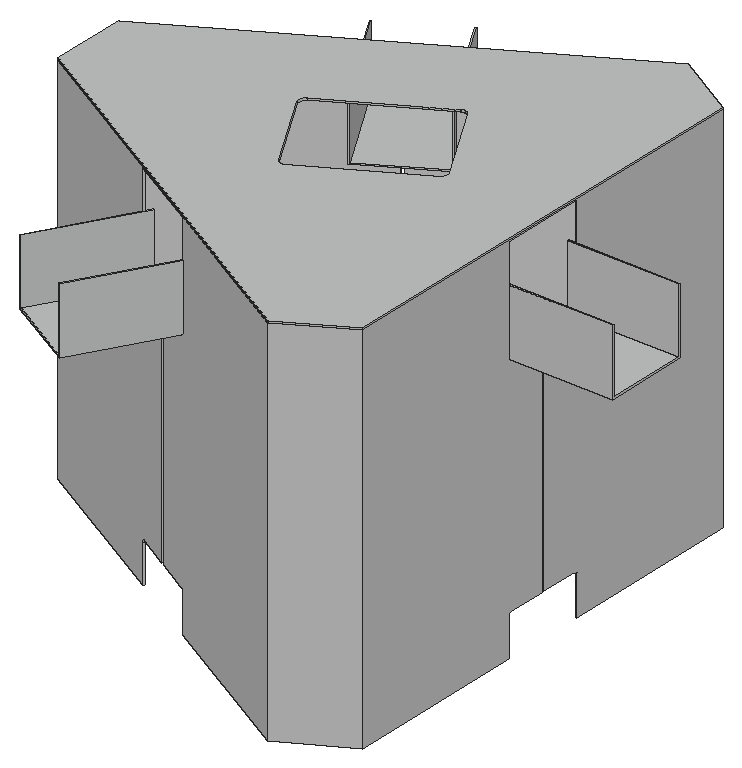
Revit family "Accessories-Teknion-HWBECMT_hiSpace_120_Cable_Riser_Mid-R2020", category Furniture, Revit 2020
Family settings
  OmniClass Number = 23.40.20.00
  OmniClass Title = General Furniture and Specialties
  Work Plane-Based = No
  Always vertical = Yes
  Cut with Voids When Loaded = No
  Shared = Yes
  Room Calculation Point = No
Parameters (values of type "60 Platinum")
  Warranty = "http://www.teknion.com/ca/papers/legal-canada"
  Unit Weight URL = "http://www.teknion.com/ca/tools/assets#&asset=bee6a381-b954-425e-8283-5a2de3a804f2,f828d448-4b62-4231-9e5f-9a8991c0ed77"
  URL = "www.teknion.com"
  To render please download texture images found here [instance] = "https://assets.teknion.com/web/5e81352c1dfdb467/revit-material-swatches/"
  Sustainability Data = "https://www.teknion.com/ca/tools/assets#&topic=216f99a5-57a0-44fc-b10a-9dee9b29ae4c&asset=444deb64-fe58-4b68-981e-f75e97781df7,b4ff2d81-9f2e-437d-9659-7cffb09c31cf"
  Series = "Height-Adjustable Bench hiSpace"  # constant formula
  Product Page URL = "https://www.teknion.com/ca/products/product-details?productLineId=e4ad706f-8e7a-673b-a6c8-ff05004460c4"
  Product Line = "hiSpace 120 Bench"  # constant formula
  Product Documentation Link = "https://www.teknion.com/pricing/habh/pdfs/HWBECMT_ppg.pdf"
  Part Number = "HWBECMT"  # constant formula
  Model = "HWBECMT60"
  Manufacturer Phone = "416-661-3370"  # constant formula
  Manufacturer Fax = "416.661.4586"  # constant formula
  Manufacturer Contact Information = "http://www.teknion.com/ca/contactus"
  Manufacturer Address = "1150 Flint Road, Toronto, ON. M3J 2J5. Canada"  # constant formula
  Manufacturer = "Teknion"  # constant formula
  How To Use Teknion Materials User Guide [instance] = "https://assets.teknion.com/m/205dd0a49fa58060/original/How-to-add-a-Material-Library-and-Texture-Images-to-your-Revit-project.pdf"
  For Additional Finishes please visit [instance] = "https://assets.teknion.com/m/44a8009b046e5d47/original/Teknion_Materials_Library.zip"
  Description = "hiSpace 120 Cable Riser - Mid - Platinum (60) Finish"
  Default Elevation = 0.000"
  Cover Finish = Paint - Teknion - Mica - Platinum
  Assembly Code = "E2020200"
Types (4): name | Model | Description | Cover Finish
  (no name) | "HWBECMT60" | "hiSpace 120 Cable Riser - Mid - Platinum (60) Finish" | Paint - Teknion - Mica - Platinum
  52 Ebony | "HWBECMT52" | "hiSpace 120 Cable Riser - Mid - Ebony (52) Finish" | Paint - Teknion - 52 - Ebony
  60 Platinum | "HWBECMT60" | "hiSpace 120 Cable Riser - Mid - Platinum (60) Finish" | Paint - Teknion - Mica - Platinum
  83 Very White | "HWBECMT83" | "hiSpace 120 Cable Riser - Mid - Very White (83) Finish" | Paint  -Teknion - 83 - Very White
Reference planes (in)
  plane 1 "Center Front/Back": y = -0.01706
  plane 2: z = 0
  plane 3 "Center Left/Right": x = -0.0989
  plane 4 "Left": x = -10.44051
  plane 5 "Right": x = 10.24271
  plane 6 "Back": y = 9.69265
  plane 7 "Front": y = -9.72678
  plane 8 "Top": z = 63
Forms (in)
  Sweep 1, solid, material "Paint - Teknion - Mica - Platinum" <- "Cover Finish"
    path origin (0, 0, 0) x (1, 0, 0) y (0, 1, 0)
      loop
        line (-10.40451, 1.35979) -> (-10.40451, -1.39391) -> (3.98993, -9.70455) -> (6.37471, -8.3277) -> (6.37471, 8.29357) -> (3.98993, 9.67043) -> (-10.40451, 1.35979)
    profile origin (-3.20729, 5.51511, 0) x (-0.5, 0.866025, 0) y (0, 0, 1)
      loop
        line (0.036, 14.9164) -> (0, 14.9164) -> (0, 1.01202) -> (0.036, 1.01202) -> (0.036, 14.9164)
  Sweep 2, solid, material "Paint - Teknion - Mica - Platinum" <- "Cover Finish"
    path origin (0, 0, 0) x (1, 0, 0) y (0, 0, 1)
      loop
        line (-10.44051, 14.9164) -> (-10.44051, 14.9764)
    profile origin (-10.44051, 0, 14.9464) x (-1, 0, 0) y (0, -1, 0)
      loop
        line (0, 1.4147) -> (-14.43044, 9.74612) -> (-16.85122, 8.34848) -> (-16.85122, -8.31436) -> (-14.43044, -9.71199) -> (0, -1.38058) -> (0, 1.4147)
  Sweep 3, void
    path origin (0, 0, 0) x (1, 0, 0) y (0, 0, 1)
      loop
        line (-10.44051, 14.9764) -> (-10.44051, 14.9164)
    profile origin (-10.44051, 0, 14.9464) x (0, -1, 0) y (1, 0, 0)
      loop
        arc (-1.23951, 7.10366) -> (-1.08771, 6.98718) -> (-0.898, 7.01216) r 0.25
        line (-0.898, 7.01216) -> (2.13309, 8.76216)
        arc (2.13309, 8.76216) -> (2.24957, 8.91396) -> (2.22459, 9.10366) r 0.25
        line (2.22459, 9.10366) -> (-0.02541, 13.00078)
        arc (-0.02541, 13.00078) -> (-0.17721, 13.11726) -> (-0.36691, 13.09228) r 0.25
        line (-0.36691, 13.09228) -> (-3.398, 11.34228)
        arc (-3.398, 11.34228) -> (-3.51448, 11.19048) -> (-3.48951, 11.00078) r 0.25
        line (-3.48951, 11.00078) -> (-1.23951, 7.10366)
  Sweep 4, void
    path origin (0, 0, 0) x (1, 0, 0) y (0, 0, 1)
      loop
        line (6.11771, 13.4494) -> (7.11771, 13.4494)
    profile origin (6.61771, 0, 13.4494) x (0, 0, 1) y (0, -1, 0)
      loop
        arc (-2.40889, 1.59228) -> (-2.49241, 1.55769) -> (-2.527, 1.47417) r 0.11811
        line (-2.527, 1.47417) -> (-2.527, 0.08448) -> (-10.89857, 0.08448) -> (-10.89857, 1.47417)
        arc (-10.89857, 1.47417) -> (-10.93317, 1.55769) -> (-11.01669, 1.59228) r 0.11811
        line (-11.01669, 1.59228) -> (-12.47338, 1.59228) -> (-12.47338, -1.55816) -> (-11.01669, -1.55816)
        arc (-11.01669, -1.55816) -> (-10.93317, -1.52357) -> (-10.89857, -1.44005) r 0.11811
        line (-10.89857, -1.44005) -> (-10.89857, -0.05036) -> (-2.527, -0.05036) -> (-2.527, -1.44005)
        arc (-2.527, -1.44005) -> (-2.49241, -1.52357) -> (-2.40889, -1.55816) r 0.11811
        line (-2.40889, -1.55816) -> (1.436, -1.55816) -> (1.436, 1.59228) -> (-2.40889, 1.59228)
  Sweep 5, void
    path origin (-0.00516, -0.0371, 0) x (-0.5, -0.866025, 0) y (0, 0, 1)
      loop
        line (6.11771, 13.4494) -> (7.11771, 13.4494)
    profile origin (-3.31401, -5.76821, 13.4494) x (0, 0, 1) y (-0.866025, 0.5, 0)
      loop
        arc (-2.40889, 1.59228) -> (-2.49241, 1.55769) -> (-2.527, 1.47417) r 0.11811
        line (-2.527, 1.47417) -> (-2.527, 0.08448) -> (-10.89857, 0.08448) -> (-10.89857, 1.47417)
        arc (-10.89857, 1.47417) -> (-10.93317, 1.55769) -> (-11.01669, 1.59228) r 0.11811
        line (-11.01669, 1.59228) -> (-12.47338, 1.59228) -> (-12.47338, -1.55816) -> (-11.01669, -1.55816)
        arc (-11.01669, -1.55816) -> (-10.93317, -1.52357) -> (-10.89857, -1.44005) r 0.11811
        line (-10.89857, -1.44005) -> (-10.89857, -0.05036) -> (-2.527, -0.05036) -> (-2.527, -1.44005)
        arc (-2.527, -1.44005) -> (-2.49241, -1.52357) -> (-2.40889, -1.55816) r 0.11811
        line (-2.40889, -1.55816) -> (1.436, -1.55816) -> (1.436, 1.59228) -> (-2.40889, 1.59228)
  Sweep 6, void
    path origin (-6.62287, 11.46519, 0) x (0.5, -0.866025, 0) y (0, 0, 1)
      loop
        line (6.11771, 13.4494) -> (7.11771, 13.4494)
    profile origin (-3.31401, 5.73408, 13.4494) x (0, 0, 1) y (-0.866025, -0.5, 0)
      loop
        arc (-2.40889, 1.59228) -> (-2.49241, 1.55769) -> (-2.527, 1.47417) r 0.11811
        line (-2.527, 1.47417) -> (-2.527, 0.08448) -> (-10.89857, 0.08448) -> (-10.89857, 1.47417)
        arc (-10.89857, 1.47417) -> (-10.93317, 1.55769) -> (-11.01669, 1.59228) r 0.11811
        line (-11.01669, 1.59228) -> (-12.47338, 1.59228) -> (-12.47338, -1.55816) -> (-11.01669, -1.55816)
        arc (-11.01669, -1.55816) -> (-10.93317, -1.52357) -> (-10.89857, -1.44005) r 0.11811
        line (-10.89857, -1.44005) -> (-10.89857, -0.05036) -> (-2.527, -0.05036) -> (-2.527, -1.44005)
        arc (-2.527, -1.44005) -> (-2.49241, -1.52357) -> (-2.40889, -1.55816) r 0.11811
        line (-2.40889, -1.55816) -> (1.436, -1.55816) -> (1.436, 1.59228) -> (-2.40889, 1.59228)
  Sweep 7, solid, material "Paint - Teknion - Mica - Platinum" <- "Cover Finish"
    path origin (0, 0, 0) x (1, 0, 0) y (0, 1, 0)
      loop
        line (10.24271, 0) -> (6.11771, 0)
    profile origin (8.18021, 0, 0) x (0, -1, 0) y (0, 0, 1)
      loop
        line (1.58202, 10.9804) -> (1.58202, 13.4494) -> (1.53402, 13.4494) -> (1.53402, 11.0284) -> (-1.4999, 11.0284) -> (-1.4999, 13.4494) -> (-1.5479, 13.4494) -> (-1.5479, 10.9804) -> (1.58202, 10.9804)
  Sweep 8, solid, material "Paint - Teknion - Mica - Platinum" <- "Cover Finish"
    path origin (-8.21492, -14.18858, 0) x (0.5, 0.866025, 0) y (-0.866025, 0.5, 0)
      loop
        line (10.24271, 0) -> (6.11771, 0)
    profile origin (-4.12481, -7.10431, 0) x (0.866025, -0.5, 0) y (0, 0, 1)
      loop
        line (1.58202, 10.9804) -> (1.58202, 13.4494) -> (1.53402, 13.4494) -> (1.53402, 11.0284) -> (-1.4999, 11.0284) -> (-1.4999, 13.4494) -> (-1.5479, 13.4494) -> (-1.5479, 10.9804) -> (1.58202, 10.9804)
  Sweep 9, solid, material "Paint - Teknion - Mica - Platinum" <- "Cover Finish"
    path origin (-8.18537, 14.17152, 0) x (0.5, -0.866025, 0) y (0.866025, 0.5, 0)
      loop
        line (10.24271, 0) -> (6.11771, 0)
    profile origin (-4.09526, 7.08725, 0) x (-0.866025, -0.5, 0) y (0, 0, 1)
      loop
        line (1.58202, 10.9804) -> (1.58202, 13.4494) -> (1.53402, 13.4494) -> (1.53402, 11.0284) -> (-1.4999, 11.0284) -> (-1.4999, 13.4494) -> (-1.5479, 13.4494) -> (-1.5479, 10.9804) -> (1.58202, 10.9804)
Cuts and joins
  Sweep 3 cuts Sweep 2
  Sweep 4, Sweep 5, Sweep 6 cuts Sweep 1
Lines and regions (in)
  Masking region 1
    outline origin (0, 0, 0) x (1, 0, 0) y (0, 1, 0)
      loop
        line (-3.78599, 9.64738) -> (-6.49658, 8.08241) -> (-4.58058, 4.76381) -> (-10.44051, 1.38058) -> (-10.44051, -1.4147) -> (-4.58058, -4.79793) -> (-6.49658, -8.11654) -> (-3.78599, -9.6815) -> (-1.86999, -6.36289) -> (3.98993, -9.74612) -> (6.41071, -8.34848) -> (6.41071, -1.58202) -> (10.24271, -1.58202) -> (10.24271, 1.5479) -> (6.41071, 1.5479) -> (6.41071, 8.31436) -> (3.98993, 9.71199) -> (-1.86999, 6.32877) -> (-3.78599, 9.64738)
      loop
        line (-3.42835, 0.898) -> (-1.67835, -2.13309)
        arc (-1.67835, -2.13309) -> (-1.52655, -2.24957) -> (-1.33685, -2.22459) r 0.25
        line (-1.33685, -2.22459) -> (2.56027, 0.02541)
        arc (2.56027, 0.02541) -> (2.67675, 0.17721) -> (2.65177, 0.36691) r 0.25
        line (2.65177, 0.36691) -> (0.90177, 3.398)
        arc (0.90177, 3.398) -> (0.74997, 3.51448) -> (0.56027, 3.48951) r 0.25
        line (0.56027, 3.48951) -> (-3.33685, 1.23951)
        arc (-3.33685, 1.23951) -> (-3.45333, 1.08771) -> (-3.42835, 0.898) r 0.25
  symbolic lines
    curve 1: line (3.98993, 9.71199, 0) -> (-10.44051, 1.38058, 0)
    curve 2: line (6.41071, -8.34848, 0) -> (6.41071, 8.31436, 0)
    curve 3: line (-10.44051, -1.4147, 0) -> (3.98993, -9.74612, 0)
    curve 4: line (-6.45502, -8.14054, 0) -> (-4.53902, -4.82193, 0)
    curve 5: line (-1.91156, -6.33889, 0) -> (-3.82756, -9.6575, 0)
    curve 6: line (-4.53902, 4.78781, 0) -> (-6.45502, 8.10641, 0)
    curve 7: line (-3.82756, 9.62338, 0) -> (-1.91156, 6.30477, 0)
    curve 8: line (6.41071, 1.4999, 0) -> (10.24271, 1.4999, 0)
    curve 9: line (10.24271, -1.53402, 0) -> (6.41071, -1.53402, 0)
  symbolic lines, style "FurnitureHiddenLines", detail levels medium+fine
    curve 10: line (-4.43408, -4.54418, 0) -> (-1.72349, -6.10914, 0)
    curve 11: line (-4.43408, -4.54418, 0) -> (-4.55908, -4.76069, 0)
    curve 12: line (-4.39252, -4.56818, 0) -> (-4.52102, -4.79075, 0)
    curve 13: line (-1.76506, -6.08514, 0) -> (-1.89356, -6.30771, 0)
    curve 14: line (-1.72349, -6.10914, 0) -> (-1.84849, -6.32565, 0)
    curve 15: line (6.11771, -1.58202, 0) -> (6.37471, -1.58202, 0)
    curve 16: line (6.11771, -1.53402, 0) -> (6.37471, -1.53402, 0)
    curve 17: line (6.11771, 1.5479, 0) -> (6.37471, 1.5479, 0)
    curve 18: line (6.11771, 1.4999, 0) -> (6.37471, 1.4999, 0)
    curve 19: line (6.11771, 1.5479, 0) -> (6.11771, -1.58202, 0)
    curve 20: line (-1.72349, 6.07502, 0) -> (-4.43408, 4.51006, 0)
    curve 21: line (-4.43408, 4.51006, 0) -> (-4.56258, 4.73263, 0)
    curve 22: line (-4.39252, 4.53406, 0) -> (-4.52102, 4.75663, 0)
    curve 23: line (-1.72349, 6.07502, 0) -> (-1.85199, 6.29759, 0)
    curve 24: line (-1.76506, 6.05102, 0) -> (-1.89356, 6.27359, 0)
  symbolic lines, style "FurnitureHiddenLines", detail levels fine
    curve 25: line (-10.40451, 1.35979, 0) -> (3.98993, 9.67043, 0)
    curve 26: line (-10.40451, -1.39391, 0) -> (-10.40451, 1.35979, 0)
    curve 27: line (3.98993, -9.70455, 0) -> (-10.40451, -1.39391, 0)
    curve 28: line (6.37471, -8.3277, 0) -> (3.98993, -9.70455, 0)
    curve 29: line (6.37471, 8.29357, 0) -> (6.37471, -8.3277, 0)
    curve 30: line (3.98993, 9.67043, 0) -> (6.37471, 8.29357, 0)
Dimensions and locks (in)
  plane 4 "Left" to plane 5 "Right" = 20.68322"
  plane 6 "Back" to plane 7 "Front" = 19.41943"
  plane 8 "Top" to level = 63.000"
  equal spacing: plane 6 "Back", plane 1 "Center Front/Back", plane 7 "Front"
  equal spacing: plane 4 "Left", plane 3 "Center Left/Right", plane 5 "Right"
  aligned and locked: level to plane 2
Automatic sketch dimensions
  curve 1 to plane 4 "Left" = 0.000"
  curve 3 to plane 4 "Left" = 0.000"
  curve 9 to plane 5 "Right" = 0.000"
  curve 8 to plane 5 "Right" = 0.000"
  plane 4 "Left" to curve 26 = 0.036"
  curve 21 to plane 3 "Center Left/Right" = 4.33519"
  curve 10 to plane 3 "Center Left/Right" = 4.33519"
  curve 23 to plane 3 "Center Left/Right" = 1.62459"
  curve 14 to plane 3 "Center Left/Right" = 1.62459"
  curve 25 to plane 6 "Back" = 0.02223"
  plane 3 "Center Left/Right" to curve 25 = 4.08883"
  curve 27 to plane 7 "Front" = 0.02223"
  plane 3 "Center Left/Right" to curve 27 = 4.08883"
  curve 17 to plane 1 "Center Front/Back" = 1.56496"
  plane 5 "Right" to curve 17 = 4.125"
  curve 27 to curve 29 = 2.38478"
  curve 28 to plane 7 "Front" = 1.39908"
  curve 10 to plane 7 "Front" = 3.61763"
  curve 10 to curve 11 = 1.56496"
  plane 1 "Center Front/Back" to curve 15 = 1.56496"
  curve 25 to plane 1 "Center Front/Back" = 1.37685"
  curve 20 to plane 1 "Center Front/Back" = 4.52712"
  curve 30 to plane 6 "Back" = 1.39908"
  curve 6 to plane 6 "Back" = 1.58624"
  curve 6 to curve 21 = 1.89243"
  curve 4 to plane 7 "Front" = 1.58624"
  plane 4 "Left" to curve 4 = 3.98549"
  curve 11 to curve 10 = 0.125"
  curve 6 to plane 1 "Center Front/Back" = 4.80487"
  curve 21 to curve 6 = 0.02357"
  plane 1 "Center Front/Back" to curve 4 = 4.80487"
  curve 11 to curve 4 = 0.02007"
  curve 6 to curve 22 = 0.018"
  curve 4 to curve 12 = 0.018"
  curve 7 to plane 6 "Back" = 0.06928"
  curve 6 to curve 7 = 2.62745"
  curve 5 to plane 7 "Front" = 0.06928"
  curve 4 to curve 5 = 2.62745"
  curve 5 to curve 13 = 0.018"
  curve 7 to curve 24 = 0.018"
  curve 13 to curve 14 = 0.04507"
  plane 6 "Back" to curve 1 = 0.01934"
  plane 7 "Front" to curve 3 = 0.01934"
  curve 29 to curve 2 = 0.036"
  curve 2 to curve 28 = 0.02078"
  plane 1 "Center Front/Back" to curve 9 = 1.51696"
  curve 15 to curve 16 = 0.048"
  curve 18 to curve 17 = 0.048"
  curve 8 to plane 1 "Center Front/Back" = 1.51696"
  curve 29 to curve 2 = 0.02078"
  plane 4 "Left" to Sweep 1 sketch curve = 0.036"
  Sweep 1 sketch curve to plane 6 "Back" = 0.02223"
  plane 3 "Center Left/Right" to Sweep 1 sketch curve = 4.08883"  (x2)
  Sweep 1 sketch curve to plane 7 "Front" = 0.02223"
  Sweep 1 sketch curve to Sweep 1 sketch curve = 2.38478"
  Sweep 1 sketch curve to plane 7 "Front" = 1.39908"
  plane 1 "Center Front/Back" to Sweep 1 sketch curve = 1.37685"
  Sweep 1 sketch curve to plane 1 "Center Front/Back" = 1.37685"
  Sweep 1 sketch curve to plane 6 "Back" = 1.39908"
  Sweep 1 sketch curve to profile plane = 0.000"
  Sweep 1 sketch curve to profile plane = 0.036"
  profile plane to Sweep 1 sketch curve = 1.01202"
  Sweep 1 sketch curve to Sweep 1 sketch curve = 13.90438"
  Sweep 2 sketch curve to plane 4 "Left" = 0.000"
  level to Sweep 2 sketch curve = 14.9164"
  Sweep 2 sketch curve to Sweep 2 sketch curve = 0.060"
  Sweep 2 sketch curve to profile plane = 0.000"
  profile plane to Sweep 2 sketch curve = 14.43044"  (x2)
  Sweep 2 sketch curve to profile plane = 8.31436"
  Sweep 2 sketch curve to Sweep 2 sketch curve = 2.42078"
  Sweep 2 sketch curve to Sweep 2 sketch curve = 1.39764"  (x2)
  Sweep 2 sketch curve to profile plane = 1.38058"
  profile plane to Sweep 2 sketch curve = 1.4147"
  profile plane to Sweep 2 sketch curve = 8.34848"
  Sweep 3 sketch curve to plane 4 "Left" = 0.000"
  level to Sweep 3 sketch curve = 14.9164"
  Sweep 3 sketch curve to Sweep 3 sketch curve = 0.060"
  Sweep 3 sketch curve to profile plane = 3.48951"
  Sweep 3 sketch curve to Sweep 3 sketch curve = 0.09151"  (x2)
  Sweep 3 sketch curve to Sweep 3 sketch curve = 0.125"  (x5)
  Sweep 3 sketch curve to profile plane = 1.23951"
  Sweep 3 sketch curve to Sweep 3 sketch curve = 0.21651"  (x3)
  Sweep 3 sketch curve to profile plane = 0.36691"
  Sweep 3 sketch curve to profile plane = 0.24191"
  Sweep 3 sketch curve to profile plane = 0.02541"
  profile plane to Sweep 3 sketch curve = 2.00809"
  Sweep 3 sketch curve to profile plane = 7.01216"
  Sweep 3 sketch curve to Sweep 3 sketch curve = 1.750"  (x2)
  Sweep 3 sketch curve to Sweep 3 sketch curve = 3.89711"
  plane 5 "Right" to Sweep 4 sketch curve = 4.125"
  plane 5 "Right" to Sweep 4 sketch curve = 3.125"
  level to Sweep 4 sketch curve = 13.4494"
  Sweep 4 sketch curve to profile plane = 1.55816"
  profile plane to Sweep 4 sketch curve = 12.47338"
  Sweep 4 sketch curve to Sweep 4 sketch curve = 1.45669"  (x2)
  Sweep 4 sketch curve to profile plane = 0.05036"
  Sweep 4 sketch curve to Sweep 4 sketch curve = 0.11811"  (x4)
  profile plane to Sweep 4 sketch curve = 2.527"
  Sweep 4 sketch curve to Sweep 4 sketch curve = 0.000"
  Sweep 4 sketch curve to profile plane = 1.436"
  Sweep 4 sketch curve to Sweep 4 sketch curve = 1.5078"
  profile plane to Sweep 4 sketch curve = 0.08448"
  Sweep 4 sketch curve to Sweep 4 sketch curve = 1.38969"  (x2)
  level to Sweep 5 sketch curve = 13.4494"
  Sweep 5 sketch curve to Sweep 5 sketch curve = 1.000"
  Sweep 5 sketch curve to profile plane = 1.55816"
  profile plane to Sweep 5 sketch curve = 12.47338"
  Sweep 5 sketch curve to Sweep 5 sketch curve = 1.45669"  (x2)
  Sweep 5 sketch curve to profile plane = 0.05036"
  Sweep 5 sketch curve to Sweep 5 sketch curve = 0.11811"  (x4)
  profile plane to Sweep 5 sketch curve = 2.527"
  Sweep 5 sketch curve to Sweep 5 sketch curve = 0.000"
  Sweep 5 sketch curve to profile plane = 1.436"
  Sweep 5 sketch curve to Sweep 5 sketch curve = 1.5078"
  profile plane to Sweep 5 sketch curve = 0.08448"
  Sweep 5 sketch curve to Sweep 5 sketch curve = 1.38969"  (x2)
  level to Sweep 6 sketch curve = 13.4494"
  Sweep 6 sketch curve to Sweep 6 sketch curve = 1.000"
  Sweep 6 sketch curve to profile plane = 1.55816"
  profile plane to Sweep 6 sketch curve = 12.47338"
  Sweep 6 sketch curve to Sweep 6 sketch curve = 1.45669"  (x2)
  Sweep 6 sketch curve to profile plane = 0.05036"
  Sweep 6 sketch curve to Sweep 6 sketch curve = 0.11811"  (x4)
  profile plane to Sweep 6 sketch curve = 2.527"
  Sweep 6 sketch curve to Sweep 6 sketch curve = 0.000"
  Sweep 6 sketch curve to profile plane = 1.436"
  Sweep 6 sketch curve to Sweep 6 sketch curve = 1.5078"
  profile plane to Sweep 6 sketch curve = 0.08448"
  Sweep 6 sketch curve to Sweep 6 sketch curve = 1.38969"  (x2)
  Sweep 7 sketch curve to plane 5 "Right" = 0.000"
  Sweep 7 sketch curve to plane 1 "Center Front/Back" = 0.01706"
  Sweep 7 sketch curve to Sweep 7 sketch curve = 4.125"
  profile plane to Sweep 7 sketch curve = 1.5479"
  Sweep 7 sketch curve to Sweep 7 sketch curve = 0.048"  (x3)
  Sweep 7 sketch curve to profile plane = 1.53402"
  profile plane to Sweep 7 sketch curve = 10.9804"
  Sweep 7 sketch curve to Sweep 7 sketch curve = 2.421"  (x2)
  Sweep 8 sketch curve to plane 7 "Front" = 0.83629"
  Sweep 8 sketch curve to plane 3 "Center Left/Right" = 5.05717"
  Sweep 8 sketch curve to Sweep 8 sketch curve = 4.125"
  profile plane to Sweep 8 sketch curve = 1.5479"
  Sweep 8 sketch curve to Sweep 8 sketch curve = 0.048"  (x3)
  Sweep 8 sketch curve to profile plane = 1.53402"
  profile plane to Sweep 8 sketch curve = 10.9804"
  Sweep 8 sketch curve to Sweep 8 sketch curve = 2.421"  (x2)
  Sweep 9 sketch curve to plane 6 "Back" = 0.81923"
  Sweep 9 sketch curve to plane 3 "Center Left/Right" = 5.02761"
  Sweep 9 sketch curve to Sweep 9 sketch curve = 4.125"
  profile plane to Sweep 9 sketch curve = 1.5479"
  Sweep 9 sketch curve to Sweep 9 sketch curve = 0.048"  (x3)
  Sweep 9 sketch curve to profile plane = 1.53402"
  profile plane to Sweep 9 sketch curve = 10.9804"
  Sweep 9 sketch curve to Sweep 9 sketch curve = 2.421"  (x2)
  Masking region 1 sketch curve to plane 4 "Left" = 0.000"
  Masking region 1 sketch curve to plane 5 "Right" = 0.000"
  Masking region 1 sketch curve to plane 7 "Front" = 1.61024"
  plane 4 "Left" to Masking region 1 sketch curve = 3.94392"  (x2)
  Masking region 1 sketch curve to plane 6 "Back" = 1.61024"
  Masking region 1 sketch curve to Masking region 1 sketch curve = 1.916"  (x2)
  Masking region 1 sketch curve to plane 7 "Front" = 0.04528"
  Masking region 1 sketch curve to Masking region 1 sketch curve = 2.71059"  (x2)
  Masking region 1 sketch curve to plane 6 "Back" = 0.04528"
  Masking region 1 sketch curve to plane 1 "Center Front/Back" = 0.91506"
  Masking region 1 sketch curve to plane 3 "Center Left/Right" = 3.32945"
  Masking region 1 sketch curve to plane 1 "Center Front/Back" = 1.25657"
  Masking region 1 sketch curve to Masking region 1 sketch curve = 0.09151"  (x2)
  Masking region 1 sketch curve to Masking region 1 sketch curve = 0.21651"  (x3)
  Masking region 1 sketch curve to plane 3 "Center Left/Right" = 1.77109"  (x2)
  Masking region 1 sketch curve to plane 3 "Center Left/Right" = 1.57945"
  Masking region 1 sketch curve to Masking region 1 sketch curve = 0.125"  (x4)
  plane 3 "Center Left/Right" to Masking region 1 sketch curve = 0.65917"
  Masking region 1 sketch curve to plane 1 "Center Front/Back" = 0.25897"
  plane 3 "Center Left/Right" to Masking region 1 sketch curve = 2.53417"
  Masking region 1 sketch curve to plane 1 "Center Front/Back" = 0.04247"
  Masking region 1 sketch curve to plane 1 "Center Front/Back" = 0.38397"
  plane 6 "Back" to Masking region 1 sketch curve = 0.01934"
  plane 7 "Front" to Masking region 1 sketch curve = 0.01934"
  Masking region 1 sketch curve to plane 7 "Front" = 1.3783"
  Masking region 1 sketch curve to Masking region 1 sketch curve = 2.42078"
  Masking region 1 sketch curve to Masking region 1 sketch curve = 0.000"
  plane 1 "Center Front/Back" to Masking region 1 sketch curve = 2.20753"
  plane 1 "Center Front/Back" to Masking region 1 sketch curve = 1.56496"
  Masking region 1 sketch curve to plane 1 "Center Front/Back" = 1.56496"
  Masking region 1 sketch curve to plane 1 "Center Front/Back" = 3.29006"
  Masking region 1 sketch curve to plane 6 "Back" = 1.3783"
Nested families (in)
  nested 1: "Teknion_2D_Node_Family-R2020" at (-0.26329, 0.60794, 0), type "Teknion_2D_Node_Family-R2020"
Definition of nested family "Teknion_2D_Node_Family-R2020"
  Reference planes (in)
    plane 1 "Center (Front/Back)": y = 0
    plane 2: z = 0
    plane 3 "Center (Left/Right)": x = 0
  Lines and regions (in)
    detail lines, in view "Ref. Level"
      curve 1: circle (0, 0, 0) r 1.25 normal (0, 0, 1)
      curve 2: line (1.91508, -1.91508, 0) -> (-1.91508, 1.91508, 0)
      curve 3: line (-1.91508, -1.91508, 0) -> (1.91508, 1.91508, 0)
